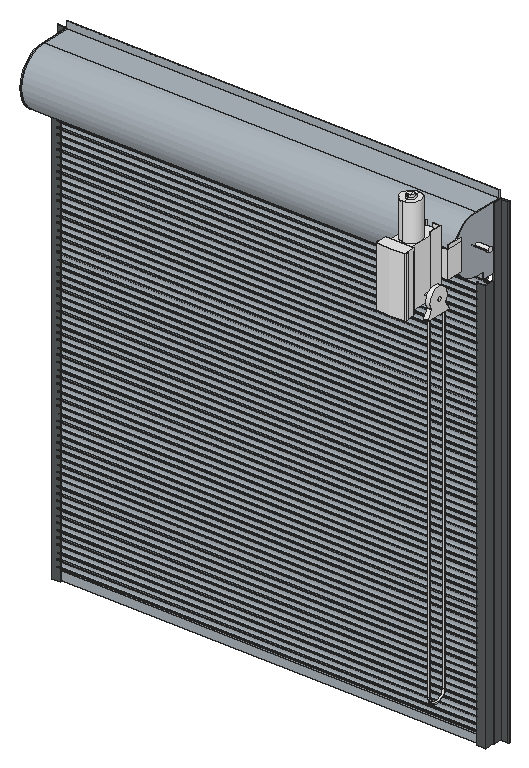
Revit family "Doors_Fire-Doors-Shutters_Wayne-Dalton_Rolling-Steel-Fire-Doors-FireStar-Model-700_", category Specialty Equipment, host Wall, Revit 2019 (continued)
Definition of nested family "700"
  Forms (in)
    Extrusion 2, solid, material <- "Panel Material", visible <- "#4"
      sketch origin (0, -4.82043, 13.73777) x (0, 1, 0) y (0, 0, 1)
        loop
          spline (5.08227, -10.57428) -> (5.31122, -10.49629) -> (5.50077, -10.35858) -> (5.65049, -10.17304) -> (5.75994, -9.95155) -> (5.82891, -9.70617) -> (5.86045, -9.45131) -> (5.85989, -9.20312) -> (5.83265, -8.97777) -> (5.78397, -8.79121) -> (5.71011, -8.64752) -> (5.59386, -8.53286) -> (5.41686, -8.43192)
          line (5.41686, -8.43192) -> (5.41686, -8.21777)
          arc (5.41686, -8.21777) -> (5.37035, -8.08199) -> (5.25036, -8.00326) r 0.22143
          line (5.25036, -8.00326) -> (5.07719, -7.91535)
          arc (5.07719, -7.91535) -> (5.04831, -7.8654) -> (5.08227, -7.81876) r 0.0529
          spline (5.08227, -7.81876) -> (5.31122, -7.74076) -> (5.50077, -7.60306) -> (5.65049, -7.41752) -> (5.75994, -7.19603) -> (5.82891, -6.95064) -> (5.86045, -6.69578) -> (5.85989, -6.44759) -> (5.83265, -6.22224) -> (5.78397, -6.03569) -> (5.71011, -5.89199) -> (5.59386, -5.77733) -> (5.41686, -5.67639)
          line (5.41686, -5.67639) -> (5.41686, -5.45777)
          arc (5.41686, -5.45777) -> (5.39015, -5.35234) -> (5.31648, -5.27235) r 0.22143
          line (5.31648, -5.27235) -> (5.07719, -5.15088)
          arc (5.07719, -5.15088) -> (5.04831, -5.10093) -> (5.08227, -5.05428) r 0.0529
          spline (5.08227, -5.05428) -> (5.31122, -4.97629) -> (5.50077, -4.83858) -> (5.65049, -4.65304) -> (5.75994, -4.43155) -> (5.82891, -4.18617) -> (5.86045, -3.93131) -> (5.85989, -3.68312) -> (5.83265, -3.45777) -> (5.78397, -3.27121) -> (5.71011, -3.12752) -> (5.59386, -3.01286) -> (5.41686, -2.91192)
          line (5.41686, -2.91192) -> (5.41686, -2.69777)
          arc (5.41686, -2.69777) -> (5.37035, -2.56199) -> (5.25036, -2.48326) r 0.22143
          line (5.25036, -2.48326) -> (5.07719, -2.39535)
          arc (5.07719, -2.39535) -> (5.04831, -2.3454) -> (5.08227, -2.29876) r 0.0529
          spline (5.08227, -2.29876) -> (5.31122, -2.22076) -> (5.50077, -2.08306) -> (5.65049, -1.89752) -> (5.75994, -1.67603) -> (5.82891, -1.43064) -> (5.86045, -1.17578) -> (5.85989, -0.92759) -> (5.83265, -0.70224) -> (5.78397, -0.51569) -> (5.71011, -0.37199) -> (5.59386, -0.25733) -> (5.41686, -0.15639)
      from -50 to 50
    Extrusion 3, void
      sketch origin (0, 0, 0) x (0, 1, 0) y (0, 0, 1)
        loop
          line (1.44, 1.271) -> (1.44, 0.521) -> (1.5, 0.521) -> (1.5, 1.271) -> (1.44, 1.271)
        loop
          line (1.44, 3.931) -> (1.44, 3.181) -> (1.5, 3.181) -> (1.5, 3.931) -> (1.44, 3.931)
        loop
          line (1.44, 6.591) -> (1.44, 5.841) -> (1.5, 5.841) -> (1.5, 6.591) -> (1.44, 6.591)
        loop
          line (1.44, 9.251) -> (1.44, 8.501) -> (1.5, 8.501) -> (1.5, 9.251) -> (1.44, 9.251)
        loop
          line (1.44, 11.911) -> (1.44, 11.161) -> (1.5, 11.161) -> (1.5, 11.911) -> (1.44, 11.911)
      from -49 to 49
    Extrusion 4, solid, material <- "Panel Material", visible <- "#17"
      sketch origin (0, -8.59555, 14.21627) x (0, 1, 0) y (0, 0, 1)
        loop
          arc (9.20493, -11.28558) -> (9.19095, -11.24875) -> (9.15606, -11.23047) r 0.05551
          line (9.15606, -11.23047) -> (9.00849, -11.21269) -> (9.14942, -11.21269)
          arc (9.14942, -11.21269) -> (9.18867, -11.19643) -> (9.20493, -11.15718) r 0.05551
          line (9.20493, -11.15718) -> (9.20493, -9.68558)
          arc (9.20493, -9.68558) -> (9.19095, -9.64875) -> (9.15606, -9.63047) r 0.05551
          line (9.15606, -9.63047) -> (9.00849, -9.61269) -> (9.14942, -9.61269)
          arc (9.14942, -9.61269) -> (9.18867, -9.59643) -> (9.20493, -9.55718) r 0.05551
          line (9.20493, -9.55718) -> (9.20493, -8.08558)
          arc (9.20493, -8.08558) -> (9.19095, -8.04875) -> (9.15606, -8.03047) r 0.05551
          line (9.15606, -8.03047) -> (9.00849, -8.01269) -> (9.14942, -8.01269)
          arc (9.14942, -8.01269) -> (9.18867, -7.99643) -> (9.20493, -7.95718) r 0.05551
          line (9.20493, -7.95718) -> (9.20493, -6.48558)
          arc (9.20493, -6.48558) -> (9.19095, -6.44875) -> (9.15606, -6.43047) r 0.05551
          line (9.15606, -6.43047) -> (9.00849, -6.41269) -> (9.14942, -6.41269)
          arc (9.14942, -6.41269) -> (9.18867, -6.39643) -> (9.20493, -6.35718) r 0.05551
          line (9.20493, -6.35718) -> (9.20493, -4.88558)
          arc (9.20493, -4.88558) -> (9.19095, -4.84875) -> (9.15606, -4.83047) r 0.05551
          line (9.15606, -4.83047) -> (9.00849, -4.81269) -> (9.14942, -4.81269)
          arc (9.14942, -4.81269) -> (9.18867, -4.79643) -> (9.20493, -4.75718) r 0.05551
          line (9.20493, -4.75718) -> (9.20493, -3.28558)
          arc (9.20493, -3.28558) -> (9.19095, -3.24875) -> (9.15606, -3.23047) r 0.05551
          line (9.15606, -3.23047) -> (8.88501, -3.19782)
          arc (8.88501, -3.19782) -> (8.86349, -3.17177) -> (8.88843, -3.14898) r 0.02451
          arc (8.88843, -3.14898) -> (8.92491, -2.90187) -> (8.70493, -3.02021) r 0.13976
          line (8.70493, -3.02021) -> (8.70493, -3.18733)
          arc (8.70493, -3.18733) -> (8.7189, -3.22416) -> (8.7538, -3.24245) r 0.05551
          line (8.7538, -3.24245) -> (9.14493, -3.28956) -> (9.14493, -4.75269) -> (8.87497, -4.75269)
          arc (8.87497, -4.75269) -> (8.93052, -4.50603) -> (8.70493, -4.62021) r 0.13976
          line (8.70493, -4.62021) -> (8.70493, -4.78733)
          arc (8.70493, -4.78733) -> (8.7189, -4.82416) -> (8.7538, -4.84245) r 0.05551
          line (8.7538, -4.84245) -> (9.14493, -4.88956) -> (9.14493, -6.35269) -> (8.87497, -6.35269)
          arc (8.87497, -6.35269) -> (8.93052, -6.10603) -> (8.70493, -6.22021) r 0.13976
          line (8.70493, -6.22021) -> (8.70493, -6.38733)
          arc (8.70493, -6.38733) -> (8.7189, -6.42416) -> (8.7538, -6.44245) r 0.05551
          line (8.7538, -6.44245) -> (9.14493, -6.48956) -> (9.14493, -7.95269) -> (8.87497, -7.95269)
          arc (8.87497, -7.95269) -> (8.93052, -7.70603) -> (8.70493, -7.82021) r 0.13976
          line (8.70493, -7.82021) -> (8.70493, -7.98733)
          arc (8.70493, -7.98733) -> (8.7189, -8.02416) -> (8.7538, -8.04245) r 0.05551
          line (8.7538, -8.04245) -> (9.14493, -8.08956) -> (9.14493, -9.55269) -> (8.87497, -9.55269)
          arc (8.87497, -9.55269) -> (8.93052, -9.30603) -> (8.70493, -9.42021) r 0.13976
          line (8.70493, -9.42021) -> (8.70493, -9.58733)
          arc (8.70493, -9.58733) -> (8.7189, -9.62416) -> (8.7538, -9.64245) r 0.05551
          line (8.7538, -9.64245) -> (9.14493, -9.68956) -> (9.14493, -11.15269) -> (8.87497, -11.15269)
          arc (8.87497, -11.15269) -> (8.93052, -10.90603) -> (8.70493, -11.02021) r 0.13976
          line (8.70493, -11.02021) -> (8.70493, -11.18733)
          arc (8.70493, -11.18733) -> (8.7189, -11.22416) -> (8.7538, -11.24245) r 0.05551
          line (8.7538, -11.24245) -> (9.14493, -11.28956) -> (9.14493, -12.75269) -> (8.87497, -12.75269)
          arc (8.87497, -12.75269) -> (8.93052, -12.50603) -> (8.70493, -12.62021) r 0.13976
          line (8.70493, -12.62021) -> (8.70493, -12.78733)
          arc (8.70493, -12.78733) -> (8.7189, -12.82416) -> (8.7538, -12.84245) r 0.05551
          line (8.7538, -12.84245) -> (9.14493, -12.88956) -> (9.14493, -14.35269) -> (8.87471, -14.35269)
          arc (8.87471, -14.35269) -> (8.93213, -14.10737) -> (8.70493, -14.21627) r 0.1397
          line (8.70493, -14.21627) -> (8.70493, -14.35718)
          arc (8.70493, -14.35718) -> (8.72119, -14.39643) -> (8.76044, -14.41269) r 0.05551
          line (8.76044, -14.41269) -> (9.14942, -14.41269)
          arc (9.14942, -14.41269) -> (9.18867, -14.39643) -> (9.20493, -14.35718) r 0.05551
          line (9.20493, -14.35718) -> (9.20493, -12.88558)
          arc (9.20493, -12.88558) -> (9.19095, -12.84875) -> (9.15606, -12.83047) r 0.05551
          line (9.15606, -12.83047) -> (9.00849, -12.81269) -> (9.14942, -12.81269)
          arc (9.14942, -12.81269) -> (9.18867, -12.79643) -> (9.20493, -12.75718) r 0.05551
          line (9.20493, -12.75718) -> (9.20493, -11.28558)
      from -50 to 50
    Extrusion 5, solid, material <- "Panel Material", visible <- "#2"
      sketch origin (0, -8.59555, 14.21627) x (0, 1, 0) y (0, 0, 1)
        loop
          line (9.10736, -6.76677) -> (9.10736, -6.61627)
          arc (9.10736, -6.61627) -> (9.07318, -6.52009) -> (8.98598, -6.46703) r 0.15243
          line (8.98598, -6.46703) -> (8.88525, -6.4159)
          arc (8.88525, -6.4159) -> (8.86532, -6.38333) -> (8.88543, -6.35086) r 0.03642
          spline (8.88543, -6.35086) -> (9.02652, -6.29214) -> (9.13455, -6.19773) -> (9.21339, -6.07142) -> (9.26691, -5.917) -> (9.29892, -5.73857) -> (9.3122, -5.54686) -> (9.3085, -5.3589) -> (9.28955, -5.19194) -> (9.25707, -5.06316) -> (9.21346, -4.97774) -> (9.16231, -4.91873) -> (9.10736, -4.86677)
          line (9.10736, -4.86677) -> (9.10736, -4.71627)
          arc (9.10736, -4.71627) -> (9.07318, -4.62009) -> (8.98598, -4.56703) r 0.15243
          line (8.98598, -4.56703) -> (8.88525, -4.5159)
          arc (8.88525, -4.5159) -> (8.86532, -4.48333) -> (8.88543, -4.45086) r 0.03642
          spline (8.88543, -4.45086) -> (9.02652, -4.39214) -> (9.13455, -4.29773) -> (9.21339, -4.17142) -> (9.26691, -4.017) -> (9.29892, -3.83857) -> (9.3122, -3.64686) -> (9.3085, -3.4589) -> (9.28955, -3.29194) -> (9.25707, -3.16316) -> (9.21346, -3.07774) -> (9.16231, -3.01873) -> (9.10736, -2.96677)
          line (9.10736, -2.96677) -> (9.10736, -2.81627)
          arc (9.10736, -2.81627) -> (9.07318, -2.72009) -> (8.98598, -2.66703) r 0.15243
          line (8.98598, -2.66703) -> (8.88525, -2.6159)
          arc (8.88525, -2.6159) -> (8.86532, -2.58333) -> (8.88543, -2.55086) r 0.03642
          spline (8.88543, -2.55086) -> (9.02652, -2.49214) -> (9.13455, -2.39773) -> (9.21339, -2.27142) -> (9.26691, -2.117) -> (9.29892, -1.93857) -> (9.3122, -1.74686) -> (9.3085, -1.5589) -> (9.28955, -1.39194) -> (9.25707, -1.26316) -> (9.21346, -1.17774) -> (9.16231, -1.11873) -> (9.10736, -1.06677)
          line (9.10736, -1.06677) -> (9.10736, -0.91627)
          arc (9.10736, -0.91627) -> (8.85733, -0.79918) -> (8.92749, -1.06621) r 0.15243
          spline (8.92749, -1.06621) -> (9.05608, -1.10824) -> (9.14, -1.17913) -> (9.19221, -1.27825) -> (9.22535, -1.40477) -> (9.2453, -1.55404) -> (9.25163, -1.71784) -> (9.24363, -1.8878) -> (9.22059, -2.05555) -> (9.17959, -2.21183) -> (9.11327, -2.34562) -> (9.01377, -2.44567) -> (8.87323, -2.50076)
          arc (8.87323, -2.50076) -> (8.80502, -2.59702) -> (8.89085, -2.67796) r 0.08991
          arc (8.89085, -2.67796) -> (8.80371, -2.83543) -> (8.92737, -2.96619) r 0.15243
          spline (8.92737, -2.96619) -> (9.05569, -3.00813) -> (9.13943, -3.07887) -> (9.19153, -3.17778) -> (9.2246, -3.30403) -> (9.24451, -3.45298) -> (9.25082, -3.61643) -> (9.24284, -3.78603) -> (9.21985, -3.95342) -> (9.17894, -4.10937) -> (9.11276, -4.24287) -> (9.01347, -4.34271) -> (8.87323, -4.39768)
          arc (8.87323, -4.39768) -> (8.80544, -4.49746) -> (8.89795, -4.57489) r 0.08991
          arc (8.89795, -4.57489) -> (8.80327, -4.73159) -> (8.92737, -4.86619) r 0.15243
          spline (8.92737, -4.86619) -> (9.05569, -4.90813) -> (9.13943, -4.97887) -> (9.19153, -5.07778) -> (9.2246, -5.20403) -> (9.24451, -5.35298) -> (9.25082, -5.51643) -> (9.24284, -5.68603) -> (9.21985, -5.85342) -> (9.17894, -6.00937) -> (9.11276, -6.14287) -> (9.01347, -6.24271) -> (8.87323, -6.29768)
          arc (8.87323, -6.29768) -> (8.80544, -6.39746) -> (8.89795, -6.47489) r 0.08991
          arc (8.89795, -6.47489) -> (8.80327, -6.63159) -> (8.92737, -6.76619) r 0.15243
          spline (8.92737, -6.76619) -> (9.05569, -6.80813) -> (9.13943, -6.87887) -> (9.19153, -6.97778) -> (9.2246, -7.10403) -> (9.24451, -7.25298) -> (9.25082, -7.41643) -> (9.24284, -7.58603) -> (9.21985, -7.75342) -> (9.17894, -7.90937) -> (9.11276, -8.04287) -> (9.01347, -8.14271) -> (8.87323, -8.19768)
          arc (8.87323, -8.19768) -> (8.80544, -8.29746) -> (8.89795, -8.37489) r 0.08991
          arc (8.89795, -8.37489) -> (8.80327, -8.53165) -> (8.92749, -8.66621) r 0.15243
          spline (8.92749, -8.66621) -> (9.05608, -8.70824) -> (9.14, -8.77913) -> (9.19221, -8.87825) -> (9.22535, -9.00477) -> (9.2453, -9.15404) -> (9.25163, -9.31784) -> (9.24363, -9.4878) -> (9.22059, -9.65555) -> (9.17959, -9.81183) -> (9.11327, -9.94562) -> (9.01377, -10.04567) -> (8.87323, -10.10076)
          arc (8.87323, -10.10076) -> (8.80502, -10.19702) -> (8.89085, -10.27796) r 0.08991
          arc (8.89085, -10.27796) -> (8.80371, -10.43543) -> (8.92737, -10.56619) r 0.15243
          spline (8.92737, -10.56619) -> (9.05569, -10.60813) -> (9.13943, -10.67887) -> (9.19153, -10.77778) -> (9.2246, -10.90403) -> (9.24451, -11.05298) -> (9.25082, -11.21643) -> (9.24284, -11.38603) -> (9.21985, -11.55342) -> (9.17894, -11.70937) -> (9.11276, -11.84287) -> (9.01347, -11.94271) -> (8.87323, -11.99768)
          arc (8.87323, -11.99768) -> (8.80544, -12.09746) -> (8.89795, -12.17489) r 0.08991
          arc (8.89795, -12.17489) -> (8.80327, -12.33165) -> (8.92749, -12.46621) r 0.15243
          spline (8.92749, -12.46621) -> (9.05608, -12.50824) -> (9.14, -12.57913) -> (9.19221, -12.67825) -> (9.22535, -12.80477) -> (9.2453, -12.95404) -> (9.25163, -13.11784) -> (9.24363, -13.2878) -> (9.22059, -13.45555) -> (9.17959, -13.61183) -> (9.11327, -13.74562) -> (9.01377, -13.84567) -> (8.87323, -13.90076)
          arc (8.87323, -13.90076) -> (8.80502, -13.99702) -> (8.89085, -14.07796) r 0.08991
          arc (8.89085, -14.07796) -> (8.97232, -14.36771) -> (8.98598, -14.06703) r 0.15243
          line (8.98598, -14.06703) -> (8.88525, -14.0159)
          arc (8.88525, -14.0159) -> (8.86532, -13.98333) -> (8.88543, -13.95086) r 0.03642
          spline (8.88543, -13.95086) -> (9.02652, -13.89214) -> (9.13455, -13.79773) -> (9.21339, -13.67142) -> (9.26691, -13.517) -> (9.29892, -13.33857) -> (9.3122, -13.14686) -> (9.3085, -12.9589) -> (9.28955, -12.79194) -> (9.25707, -12.66316) -> (9.21346, -12.57774) -> (9.16231, -12.51873) -> (9.10736, -12.46677)
          line (9.10736, -12.46677) -> (9.10736, -12.31627)
          arc (9.10736, -12.31627) -> (9.07318, -12.22009) -> (8.98598, -12.16703) r 0.15243
          line (8.98598, -12.16703) -> (8.88525, -12.1159)
          arc (8.88525, -12.1159) -> (8.86532, -12.08333) -> (8.88543, -12.05086) r 0.03642
          spline (8.88543, -12.05086) -> (9.02652, -11.99214) -> (9.13455, -11.89773) -> (9.21339, -11.77142) -> (9.26691, -11.617) -> (9.29892, -11.43857) -> (9.3122, -11.24686) -> (9.3085, -11.0589) -> (9.28955, -10.89194) -> (9.25707, -10.76316) -> (9.21346, -10.67774) -> (9.16231, -10.61873) -> (9.10736, -10.56677)
          line (9.10736, -10.56677) -> (9.10736, -10.41627)
          arc (9.10736, -10.41627) -> (9.07318, -10.32009) -> (8.98598, -10.26703) r 0.15243
          line (8.98598, -10.26703) -> (8.88525, -10.2159)
          arc (8.88525, -10.2159) -> (8.86532, -10.18333) -> (8.88543, -10.15086) r 0.03642
          spline (8.88543, -10.15086) -> (9.02652, -10.09214) -> (9.13455, -9.99773) -> (9.21339, -9.87142) -> (9.26691, -9.717) -> (9.29892, -9.53857) -> (9.3122, -9.34686) -> (9.3085, -9.1589) -> (9.28955, -8.99194) -> (9.25707, -8.86316) -> (9.21346, -8.77774) -> (9.16231, -8.71873) -> (9.10736, -8.66677)
          line (9.10736, -8.66677) -> (9.10736, -8.51627)
          arc (9.10736, -8.51627) -> (9.07318, -8.42009) -> (8.98598, -8.36703) r 0.15243
          line (8.98598, -8.36703) -> (8.88525, -8.3159)
          arc (8.88525, -8.3159) -> (8.86532, -8.28333) -> (8.88543, -8.25086) r 0.03642
          spline (8.88543, -8.25086) -> (9.02652, -8.19214) -> (9.13455, -8.09773) -> (9.21339, -7.97142) -> (9.26691, -7.817) -> (9.29892, -7.63857) -> (9.3122, -7.44686) -> (9.3085, -7.2589) -> (9.28955, -7.09194) -> (9.25707, -6.96316) -> (9.21346, -6.87774) -> (9.16231, -6.81873) -> (9.10736, -6.76677)
      from -50 to 50
  Cuts and joins
    Extrusion 3 cuts Extrusion 1
  Lines and regions (in)
    reference lines
      curve 1: line (0, -4.98186, 12.78) -> (0, 9.9577, 12.78)
      curve 2: line (0, -2.86663, 14.196) -> (0, 7.60337, 14.196)
      curve 3: line (0, -2.86663, 11.536) -> (0, 7.60337, 11.536)
      curve 4: line (0, -2.86663, 8.876) -> (0, 7.60337, 8.876)
      curve 5: line (0, -2.86663, 6.216) -> (0, 7.60337, 6.216)
      curve 6: line (0, -2.86663, 0.896) -> (0, 7.60337, 0.896)
      curve 7: line (0, -2.86663, 3.556) -> (0, 7.60337, 3.556)
  Dimensions and locks (in)
    equal spacing: plane 4, plane 3 "Center (Left/Right)", plane 5
    "Opening Width": plane 4 to plane 5
    "Slat Width": plane 1 "Center (Front/Back)" to plane 6
    equal spacing: plane 1 "Center (Front/Back)", plane 8, plane 6
    locked: plane 9 to plane 6 at 0.03
    "Cutout Width Offset": plane 4 to plane 10
    "Cutout Width Offset": plane 5 to plane 11
    "Void Height": Extrusion 3 sketch curve to Extrusion 3 sketch curve  (x5)
    locked: Extrusion 3 sketch curve to Extrusion 3 sketch curve at 0.06  (x5)
    "Void Offset": plane 6 to Extrusion 3 sketch curve
    locked: curve 1 to level at 12.78
    "Slat Position": curve 6 to curve 2
    equal spacing: Extrusion 3 sketch curve, curve 3, Extrusion 3 sketch curve
    equal spacing: Extrusion 3 sketch curve, curve 4, Extrusion 3 sketch curve
    equal spacing: Extrusion 3 sketch curve, curve 6, Extrusion 3 sketch curve
    equal spacing: Extrusion 3 sketch curve, curve 5, Extrusion 3 sketch curve
    equal spacing: curve 6, curve 7, curve 5, curve 4, curve 3, curve 2
    equal spacing: Extrusion 3 sketch curve, curve 7, Extrusion 3 sketch curve
    "Cutout Vertical Offset": curve 6 to plane 2
    aligned and locked: plane 2 to level
    aligned and locked: plane 1 "Center (Front/Back)" to plane 7
    aligned and locked: plane 5 to Extrusion 1
    aligned and locked: plane 4 to Extrusion 1
    aligned and locked: plane 5 to Extrusion 2
    aligned and locked: plane 4 to Extrusion 2
    aligned and locked: plane 9 to nested 1
    aligned and locked: plane 3 "Center (Left/Right)" to nested 1
    aligned and locked: Extrusion 3 sketch curve to Extrusion 3 sketch curve  (x4)
    aligned and locked: plane 10 to Extrusion 3
    aligned and locked: plane 11 to Extrusion 3
    aligned and locked: plane 3 "Center (Left/Right)" to nested 2
    aligned and locked: plane 3 "Center (Left/Right)" to nested 3
    aligned and locked: plane 3 "Center (Left/Right)" to nested 4
    aligned and locked: plane 3 "Center (Left/Right)" to nested 5
    aligned and locked: plane 9 to nested 2
    aligned and locked: plane 9 to nested 3
    aligned and locked: plane 9 to nested 4
    aligned and locked: plane 9 to nested 5
    aligned and locked: plane 9 to nested 10
    aligned and locked: plane 9 to nested 9
    aligned and locked: plane 9 to nested 8
    aligned and locked: plane 9 to nested 7
    aligned and locked: plane 9 to nested 6
    aligned and locked: plane 4 to Extrusion 5
    aligned and locked: plane 4 to Extrusion 4
    aligned and locked: plane 5 to Extrusion 5
    aligned and locked: plane 5 to Extrusion 4
  Automatic sketch dimensions
    plane 1 "Center (Front/Back)" to curve 1 = 4.98186"
    plane 1 "Center (Front/Back)" to curve 7 = 2.86663"
    curve 1 to curve 2 = 2.11523"
    curve 5 to curve 7 = 0"
    curve 3 to curve 2 = 0"  (x2)
    curve 6 to curve 7 = 0"
    curve 4 to curve 3 = 0"
    curve 2 to plane 6 = 7.10337"
    curve 5 to plane 6 = 7.10337"
    curve 4 to curve 5 = 0"
    curve 6 to curve 5 = 0"
    curve 7 to curve 5 = 0"
    curve 2 to curve 1 = 2.35433"
    Extrusion 1 sketch curve to Extrusion 1 sketch curve = 0"  (x48)
    curve 1 to Extrusion 1 sketch curve = 4.98186"
    curve 1 to Extrusion 1 sketch curve = 0.53603"
    Extrusion 1 sketch curve to Extrusion 1 sketch curve = 0.06"  (x9)
    Extrusion 1 sketch curve to Extrusion 1 sketch curve = 0.07483"  (x4)
    curve 1 to Extrusion 1 sketch curve = 0.87633"
    Extrusion 1 sketch curve to Extrusion 1 sketch curve = 0.01483"
    curve 1 to Extrusion 1 sketch curve = 3.32633"
    Extrusion 1 sketch curve to Extrusion 1 sketch curve = 0.12347"  (x4)
    curve 1 to Extrusion 1 sketch curve = 3.28077"
    curve 1 to Extrusion 1 sketch curve = 0.81676"
    Extrusion 1 sketch curve to Extrusion 1 sketch curve = 0.1133"  (x4)
    Extrusion 1 sketch curve to Extrusion 1 sketch curve = 0.00299"  (x4)
    Extrusion 1 sketch curve to Extrusion 1 sketch curve = 0.025"
    Extrusion 1 sketch curve to Extrusion 1 sketch curve = 0.21392"  (x6)
    Extrusion 1 sketch curve to Extrusion 1 sketch curve = 0.15392"
    Extrusion 1 sketch curve to Extrusion 1 sketch curve = 0.45109"  (x3)
    Extrusion 1 sketch curve to Extrusion 1 sketch curve = 0.45108"
    Extrusion 1 sketch curve to Extrusion 1 sketch curve = 0.59017"  (x2)
    curve 1 to Extrusion 1 sketch curve = 0.94778"
    curve 1 to Extrusion 1 sketch curve = 3.39778"
    Extrusion 1 sketch curve to Extrusion 1 sketch curve = 0.01017"  (x3)
    curve 1 to Extrusion 1 sketch curve = 0.88821"
    curve 1 to Extrusion 1 sketch curve = 3.33821"
    Extrusion 1 sketch curve to Extrusion 1 sketch curve = 2.0074"  (x4)
    Extrusion 1 sketch curve to Extrusion 1 sketch curve = 0.00603"  (x3)
    Extrusion 1 sketch curve to Extrusion 1 sketch curve = 0.21577"  (x4)
    Extrusion 1 sketch curve to Extrusion 1 sketch curve = 0.09209"
    Extrusion 1 sketch curve to Extrusion 1 sketch curve = 0.14265"
    Extrusion 1 sketch curve to Extrusion 1 sketch curve = 0.11326"
    Extrusion 2 sketch curve to Extrusion 2 sketch curve = 0"  (x11)
    curve 1 to Extrusion 2 sketch curve = 5.23818"  (x2)
    curve 1 to Extrusion 2 sketch curve = 1.43759"
    Extrusion 2 sketch curve to Extrusion 2 sketch curve = 0.00044"  (x5)
    curve 1 to Extrusion 2 sketch curve = 1.34099"
    Extrusion 2 sketch curve to Extrusion 2 sketch curve = 0.00551"  (x5)
    Extrusion 2 sketch curve to Extrusion 2 sketch curve = 0.02395"  (x2)
    Extrusion 2 sketch curve to Extrusion 2 sketch curve = 0.01887"  (x3)
    Extrusion 2 sketch curve to Extrusion 2 sketch curve = 0.00651"  (x5)
    Extrusion 2 sketch curve to Extrusion 2 sketch curve = 0.07821"  (x2)
    Extrusion 2 sketch curve to curve 1 = 0.80219"
    Extrusion 2 sketch curve to Extrusion 2 sketch curve = 0.07881"
    Extrusion 2 sketch curve to Extrusion 2 sketch curve = 0.07838"  (x2)
    Extrusion 2 sketch curve to Extrusion 2 sketch curve = 0.03986"  (x3)
    Extrusion 2 sketch curve to Extrusion 2 sketch curve = 0.04003"  (x2)
    Extrusion 2 sketch curve to Extrusion 2 sketch curve = 0.11824"
    Extrusion 2 sketch curve to Extrusion 2 sketch curve = 0.14271"  (x2)
    curve 1 to Extrusion 2 sketch curve = 1.52549"
    Extrusion 2 sketch curve to Extrusion 2 sketch curve = 0.09917"
    Extrusion 2 sketch curve to Extrusion 2 sketch curve = 0.12104"
    Extrusion 2 sketch curve to Extrusion 2 sketch curve = 0.26146"  (x2)
    Extrusion 2 sketch curve to Extrusion 2 sketch curve = 0.22143"  (x2)
    Extrusion 2 sketch curve to Extrusion 2 sketch curve = 0.10038"
    Extrusion 2 sketch curve to Extrusion 2 sketch curve = 0.21415"  (x2)
    Extrusion 2 sketch curve to Extrusion 2 sketch curve = 0.21778"  (x2)
    Extrusion 2 sketch curve to Extrusion 2 sketch curve = 2.07943"  (x2)
    Extrusion 2 sketch curve to Extrusion 2 sketch curve = 0.05931"  (x5)
    Extrusion 2 sketch curve to Extrusion 2 sketch curve = 0.04942"  (x4)
    Extrusion 2 sketch curve to Extrusion 2 sketch curve = 0.01817"  (x5)
    Extrusion 2 sketch curve to Extrusion 2 sketch curve = 0.21781"  (x2)
    Extrusion 2 sketch curve to Extrusion 2 sketch curve = 0.21863"  (x3)
    Extrusion 2 sketch curve to Extrusion 2 sketch curve = 2.08387"  (x2)
    Extrusion 2 sketch curve to Extrusion 2 sketch curve = 0.13791"
    Extrusion 2 sketch curve to Extrusion 2 sketch curve = 0.21451"
    Extrusion 4 sketch curve to curve 1 = 9.84832"
    Extrusion 4 sketch curve to Extrusion 4 sketch curve = 0"  (x20)
    Extrusion 4 sketch curve to Extrusion 4 sketch curve = 0.04887"  (x7)
    curve 1 to Extrusion 4 sketch curve = 3.40618"
    curve 1 to Extrusion 4 sketch curve = 1.80618"
    Extrusion 4 sketch curve to Extrusion 4 sketch curve = 0.00664"  (x13)
    Extrusion 4 sketch curve to Extrusion 4 sketch curve = 0.05551"  (x9)
    Extrusion 4 sketch curve to Extrusion 4 sketch curve = 0.1397"  (x8)
    Extrusion 4 sketch curve to Extrusion 4 sketch curve = 0.11428"
    Extrusion 4 sketch curve to Extrusion 4 sketch curve = 0.11453"  (x6)
    Extrusion 4 sketch curve to Extrusion 4 sketch curve = 0.12457"
    Extrusion 4 sketch curve to Extrusion 4 sketch curve = 0.00293"
    Extrusion 4 sketch curve to Extrusion 4 sketch curve = 0.13352"  (x6)
    Extrusion 4 sketch curve to Extrusion 4 sketch curve = 0.13644"  (x2)
    Extrusion 4 sketch curve to Extrusion 4 sketch curve = 0.00449"  (x22)
    curve 1 to Extrusion 4 sketch curve = 1.7942"
    curve 1 to Extrusion 4 sketch curve = 3.3942"
    Extrusion 4 sketch curve to Extrusion 4 sketch curve = 1.32671"  (x6)
    Extrusion 4 sketch curve to Extrusion 4 sketch curve = 0.00394"  (x6)
    Extrusion 4 sketch curve to Extrusion 4 sketch curve = 0.03464"  (x5)
    Extrusion 4 sketch curve to Extrusion 4 sketch curve = 0.16713"  (x3)
    Extrusion 4 sketch curve to Extrusion 4 sketch curve = 0.14091"
    Extrusion 4 sketch curve to Extrusion 4 sketch curve = 0.02433"
    Extrusion 5 sketch curve to Extrusion 5 sketch curve = 0"  (x18)
    Extrusion 5 sketch curve to curve 1 = 9.68002"
    curve 1 to Extrusion 5 sketch curve = 3.07963"
    Extrusion 5 sketch curve to Extrusion 5 sketch curve = 0.01202"  (x7)
    curve 1 to Extrusion 5 sketch curve = 1.17963"
    Extrusion 5 sketch curve to Extrusion 5 sketch curve = 0.0122"  (x7)
    curve 1 to Extrusion 5 sketch curve = 1.11459"
    Extrusion 5 sketch curve to Extrusion 5 sketch curve = 0.00925"  (x7)
    Extrusion 5 sketch curve to Extrusion 5 sketch curve = 0.00724"  (x7)
    Extrusion 5 sketch curve to Extrusion 5 sketch curve = 0.04212"  (x4)
    Extrusion 5 sketch curve to curve 1 = 0.37006"
    Extrusion 5 sketch curve to Extrusion 5 sketch curve = 0.05425"
    Extrusion 5 sketch curve to Extrusion 5 sketch curve = 0.04224"  (x2)
    Extrusion 5 sketch curve to Extrusion 5 sketch curve = 0.02744"  (x3)
    Extrusion 5 sketch curve to Extrusion 5 sketch curve = 0.02756"  (x4)
    Extrusion 5 sketch curve to Extrusion 5 sketch curve = 0.06968"
    Extrusion 5 sketch curve to Extrusion 5 sketch curve = 0.10073"  (x6)
    curve 1 to Extrusion 5 sketch curve = 1.23076"
    Extrusion 5 sketch curve to Extrusion 5 sketch curve = 0.15243"
    Extrusion 5 sketch curve to curve 1 = 0.3695"
    Extrusion 5 sketch curve to Extrusion 5 sketch curve = 0.17987"  (x3)
    Extrusion 5 sketch curve to Extrusion 5 sketch curve = 0.17999"  (x3)
    Extrusion 5 sketch curve to Extrusion 5 sketch curve = 0.05114"
    Extrusion 5 sketch curve to Extrusion 5 sketch curve = 0.14992"  (x4)
    Extrusion 5 sketch curve to Extrusion 5 sketch curve = 0.1505"  (x6)
    Extrusion 5 sketch curve to Extrusion 5 sketch curve = 1.43149"  (x3)
    Extrusion 5 sketch curve to Extrusion 5 sketch curve = 0.05318"  (x4)
    Extrusion 5 sketch curve to Extrusion 5 sketch curve = 0.03256"  (x5)
    Extrusion 5 sketch curve to Extrusion 5 sketch curve = 0.00162"  (x4)
    Extrusion 5 sketch curve to Extrusion 5 sketch curve = 0.14994"  (x2)
    Extrusion 5 sketch curve to Extrusion 5 sketch curve = 1.43455"  (x2)
    Extrusion 5 sketch curve to Extrusion 5 sketch curve = 0.0501"  (x3)
    Extrusion 5 sketch curve to Extrusion 5 sketch curve = 0.0047"  (x3)
    Extrusion 5 sketch curve to Extrusion 5 sketch curve = 0.14924"
  Nested families (in)
    nested 1: "Perforation" at (0, 0.47, 0.896), visible <- "Fenestration", Perforation <- "Cutout Material", type "Perforation"
      with Opening Width 100"
    nested 2: "Perforation" at (0, 0.47, 3.556), visible <- "Fenestration", Perforation <- "Cutout Material", type "Perforation"
      with Opening Width 100"
    nested 3: "Perforation" at (0, 0.47, 6.216), visible <- "Fenestration", Perforation <- "Cutout Material", type "Perforation"
      with Opening Width 100"
    nested 4: "Perforation" at (0, 0.47, 8.876), visible <- "Fenestration", Perforation <- "Cutout Material", type "Perforation"
      with Opening Width 100"
    nested 5: "Perforation" at (0, 0.47, 11.536), visible <- "Fenestration", Perforation <- "Cutout Material", type "Perforation"
      with Opening Width 100"
    nested 6: "Perforation" at (0, 0.47, 11.536), visible <- "Perforation", Perforation <- "Cutout Material Perforation", type "Perforation"
      with Perforation none, Opening Width 100"
    nested 7: "Perforation" at (0, 0.47, 8.876), visible <- "Perforation", Perforation <- "Cutout Material Perforation", type "Perforation"
      with Perforation none, Opening Width 100"
    nested 8: "Perforation" at (0, 0.47, 6.216), visible <- "Perforation", Perforation <- "Cutout Material Perforation", type "Perforation"
      with Perforation none, Opening Width 100"
    nested 9: "Perforation" at (0, 0.47, 3.556), visible <- "Perforation", Perforation <- "Cutout Material Perforation", type "Perforation"
      with Perforation none, Opening Width 100"
    nested 10: "Perforation" at (0, 0.47, 0.896), visible <- "Perforation", Perforation <- "Cutout Material Perforation", type "Perforation"
      with Perforation none, Opening Width 100"
  Definition of nested family "Perforation"
    Parameters (values of type "Perforation")
      Thickness = 0.06"
      Perforation [instance] = none
      Opening Width = 123 5/8"
      Offset = 1"
      Height = 3/4"
      Default Elevation = 48"
    Reference planes (in)
      plane 1 "Center (Front/Back)": y = 0
      plane 2: z = 0
      plane 3 "Center (Left/Right)": x = 0
      plane 4: z = 0.375
      plane 5: z = -0.375
      plane 6: y = -0.03
      plane 7: y = 0.03
      plane 8: x = -61.8125
      plane 9: x = 61.8125
      plane 10: x = -60.8125
      plane 11: x = 60.8125
    Forms (in)
      Extrusion 1, solid, material <- "Perforation"
        sketch origin (0, -0.19, 0) x (0, 1, 0) y (0, 0, 1)
          loop
            line (0.16, 0.375) -> (0.16, -0.375) -> (0.22, -0.375) -> (0.22, 0.375) -> (0.16, 0.375)
        from -60.8125 to 60.8125
    Dimensions and locks (in)
      equal spacing: plane 4, level, plane 5
      "Height": plane 4 to plane 5
      equal spacing: plane 6, plane 1 "Center (Front/Back)", plane 7
      "Thickness": plane 6 to plane 7
      "Opening Width": plane 8 to plane 9
      "Offset": plane 8 to plane 10
      "Offset": plane 9 to plane 11
      equal spacing: plane 8, plane 3 "Center (Left/Right)", plane 9
      aligned and locked: plane 2 to level
      aligned and locked: plane 4 to Extrusion 1
      aligned and locked: Extrusion 1 to plane 5
      aligned and locked: plane 6 to Extrusion 1
      aligned and locked: plane 7 to Extrusion 1
      aligned and locked: Extrusion 1 to plane 10
      aligned and locked: plane 11 to Extrusion 1
    Automatic sketch dimensions
      Extrusion 1 sketch curve to level = 3/8"
      plane 1 "Center (Front/Back)" to Extrusion 1 sketch curve = 0.03"
      Extrusion 1 sketch curve to plane 1 "Center (Front/Back)" = 0.03"
      plane 4 to Extrusion 1 sketch curve = 0"
Definition of nested family "Lifts"
  Parameters (values of type "Frame Unit")
    Void Offset = if(Manual, Header Width, 2")  # 16"
    True Width = if(Between Jambs, Opening Width, Opening Width + 1/2")  # 120 1/2"
    Slat Option = 1
    Side Clearance R = 9 1/16"
    Side Clearance L = 7 1/16"
    Round Hood [instance] = 1 = 1  # yes
    Rough Width = 0"
    Rough Height = 0"
    No Hood [instance] = no
    Manual = yes
    M Value = 3 5/16"
    Hood Offset = 2"
    Hood Height = Headroom Height Real - Hood Offset  # 16"
    Headroom Height Real = Headroom Height  # 18"
    Half Hood Height = Headroom Height - Hood Offset  # 16"
    Guide Z Wide R = if(Between Jambs, (Guide Offset R - G Value) / 3 * 2, G Value - 1/4")  # 2 9/16"
    Guide Z Wide L = if(Between Jambs, (Guide Offset L - G Value) / 3 * 2, G Value - 1/4")  # 2 9/16"
    Guide Offset R = BJ Displacement R + G Value  # 2 13/16"
    Guide Offset L = BJ Displacement L + G Value  # 2 13/16"
    G Value = 2 13/16"
    E Guide Width R = if(Between Jambs, (Guide Offset R - G Value) / 3 * 2, 3")  # 3"
    E Guide Width L = if(Between Jambs, (Guide Offset L - G Value) / 3 * 2, 3")  # 3"
    E Guide Height = 3"  # constant formula
    Z Guide = 1 = 1  # yes
    Slat Material = none
    Shaft Offset = (Hood Height - 2") / 2  # 7"
    Shaft Material = none
    Shaft Length 2 = G Value + 4"  # 6 13/16"
    Shaft Length 1 = G Value + 4"  # 6 13/16"
    Setback = if(Between Jambs, 0", 1/4")  # 1/4"
    Radius Hood = Shaft Offset  # 7"
    Opening Width = 120"
    Hood Material = none
    Headroom Height = 18"
    Header Width = 16"
    Opening Height = 120"
    Guide Type = if(Between Jambs, "Angled Between Jambs Z Guide", if(Guide Option > 1, "Angled Z Guide", "Angled E Guide"))  # "Angled Z Guide"
    Guide Option = if(Between Jambs, 1, 2)  # 2
    Guide Z Height = 2 3/4"  # constant formula
    Floor To (CL) of Shaft = 131"
    Finish Material = none
    Face to Wall Mount = not(Between Jambs)  # yes
    E Guide = if(Between Jambs, 1 = 1, 1 = 2)  # no
    D Value = 5 1/2"
    Between Jambs = no
    BJ Position = if(Between Jambs, 1/4", 0")  # 0"
    BJ Displacement R = if(Face to Wall Mount, 0", Side Clearance R - G Value)  # 0"
    BJ Displacement L = if(Face to Wall Mount, 0", Side Clearance L - G Value)  # 0"
    Angled Guide = 1 = 1  # yes
  Reference planes (in)
    plane 1 "Center (Front/Back)": y = 0
    plane 2: z = 0
    plane 3 "Center (Left/Right)": x = 0
    plane 4 "Opening Height": z = 120
    plane 5: x = -66.8125
    plane 6: x = 66.8125
    plane 7: z = 138
    plane 8: y = 16
    plane 9 "Real Opening 2": x = -60
    plane 10 "Real Opening 1": x = 60
    plane 11: z = 122
    plane 12 "Main": y = 0
    plane 13: z = 131
    plane 14: y = 9
    plane 15: x = 62.8125
    plane 16: x = -62.8125
    plane 17: x = -62.8125
    plane 18: x = 62.8125
    plane 19: y = 5.5
    plane 20: x = -62.5625
    plane 21: x = 62.5625
    plane 22: z = 140
    plane 23: y = 5.5
    plane 24: y = 4.375
    plane 25: y = 5.5
    plane 26: y = 4.375
  Forms (in)
    Extrusion 1, solid, material <- "Slat Material"
      sketch origin (0, 0, 0) x (0, 1, 0) y (0, 0, 1)
        loop
          line (4.75, 2.375) -> (4.75, 2.75) -> (4, 2.75) -> (4, 2.375) -> (4.75, 2.375)
      from -62.5625 to 62.5625
    Extrusion 2, solid, material <- "Slat Material"
      sketch origin (0, 0, 0) x (0, 1, 0) y (0, 0, 1)
        loop
          line (4.75, 2.375) -> (4, 2.375) -> (4, 0) -> (4.75, 0) -> (4.75, 2.375)
      from -62.5625 to 62.5625
    Extrusion 3, solid, material <- "Shaft Material"
      sketch origin (0, -5.35201, 0) x (0, 1, 0) y (0, 0, 1)
        loop
          circle (14.35201, 131) r 0.6
      from -66.8125 to 66.8125
    Extrusion 4, solid, material <- "Hood Material"
      sketch origin (0, 0, 0) x (0, 1, 0) y (0, 0, 1)
        loop
          line (0, 138) -> (0, 122) -> (6, 122) -> (6, 124) -> (9, 124)
          arc (9, 124) -> (16, 131) -> (9, 138) r 7
          line (9, 138) -> (0, 138)
      from -62.8125 to 62.8125
    Extrusion 5, solid, material <- "Finish Material", visible <- "E Guide"
      sketch origin (0, 0, 0) x (1, 0, 0) y (0, 1, 0)
        loop
          line (59.8125, 0) -> (62.8125, 0) -> (62.8125, 3) -> (62.75, 3)
          arc (62.75, 3) -> (62.61742, 2.94508) -> (62.5625, 2.8125) r 0.1875
          line (62.5625, 2.8125) -> (62.5625, 0.25) -> (60, 0.25)
          arc (60, 0.25) -> (59.86742, 0.19508) -> (59.8125, 0.0625) r 0.1875
          line (59.8125, 0.0625) -> (59.8125, 0)
        loop
          line (-59.8125, 0) -> (-59.8125, 0.0625)
          arc (-59.8125, 0.0625) -> (-59.86742, 0.19508) -> (-60, 0.25) r 0.1875
          line (-60, 0.25) -> (-62.5625, 0.25) -> (-62.5625, 2.8125)
          arc (-62.5625, 2.8125) -> (-62.61742, 2.94508) -> (-62.75, 3) r 0.1875
          line (-62.75, 3) -> (-62.8125, 3) -> (-62.8125, 0) -> (-59.8125, 0)
      from 0 to 138
    Extrusion 6, solid, material <- "Finish Material", visible <- "Z Guide"
      sketch origin (0, 0, 0) x (1, 0, 0) y (0, 1, 0)
        loop
          line (65.375, 0) -> (65.375, 0.062)
          arc (65.375, 0.062) -> (65.31994, 0.19494) -> (65.187, 0.25) r 0.188
          line (65.187, 0.25) -> (63.0625, 0.25) -> (63.0625, 2.562)
          arc (63.0625, 2.562) -> (63.00744, 2.69494) -> (62.8745, 2.75) r 0.188
          line (62.8745, 2.75) -> (62.8125, 2.75) -> (62.8125, 0) -> (65.375, 0)
        loop
          line (-65.375, 0) -> (-62.8125, 0) -> (-62.8125, 2.75) -> (-62.8745, 2.75)
          arc (-62.8745, 2.75) -> (-63.00744, 2.69494) -> (-63.0625, 2.562) r 0.188
          line (-63.0625, 2.562) -> (-63.0625, 0.25) -> (-65.187, 0.25)
          arc (-65.187, 0.25) -> (-65.31994, 0.19494) -> (-65.375, 0.062) r 0.188
          line (-65.375, 0.062) -> (-65.375, 0)
      from 0 to 138
    Extrusion 7, solid, material <- "Finish Material", visible <- "Angled Guide"
      sketch origin (0, 0, 0) x (1, 0, 0) y (0, 1, 0)
        loop
          line (60.25, 5.5) -> (60.25, 5.437)
          arc (60.25, 5.437) -> (60.30477, 5.30477) -> (60.437, 5.25) r 0.187
          line (60.437, 5.25) -> (62.5625, 5.25) -> (62.5625, 3.5) -> (60.25, 3.5) -> (60.25, 3.437)
          arc (60.25, 3.437) -> (60.30477, 3.30477) -> (60.437, 3.25) r 0.187
          line (60.437, 3.25) -> (62.3125, 3.25) -> (62.3125, 1.25) -> (62.8125, 1.25) -> (62.8125, 5.5) -> (60.25, 5.5)
        loop
          line (-60.25, 5.5) -> (-62.8125, 5.5) -> (-62.8125, 1.25) -> (-62.3125, 1.25) -> (-62.3125, 3.25) -> (-60.437, 3.25)
          arc (-60.437, 3.25) -> (-60.30477, 3.30477) -> (-60.25, 3.437) r 0.187
          line (-60.25, 3.437) -> (-60.25, 3.5) -> (-62.5625, 3.5) -> (-62.5625, 5.25) -> (-60.437, 5.25)
          arc (-60.437, 5.25) -> (-60.30477, 5.30477) -> (-60.25, 5.437) r 0.187
          line (-60.25, 5.437) -> (-60.25, 5.5)
      from 0 to 120
    Extrusion 8, solid, material <- "Hood Material"
      sketch origin (0, 35, 0) x (0, 1, 0) y (0, 0, 1)
        loop
          line (-35, 138) -> (-35, 122) -> (-29, 122) -> (-29, 124) -> (-26, 124)
          arc (-26, 124) -> (-19, 131) -> (-26, 138) r 7
          line (-26, 138) -> (-35, 138)
      from -62.5625 to 62.5625
    Extrusion 9, void
      sketch origin (0, 0, 0) x (0, 1, 0) y (0, 0, 1)
        loop
          line (0, 138) -> (0, 122) -> (16, 122) -> (16, 138) -> (0, 138)
      from -62.5625 to 62.5625
    Extrusion 10, void
      sketch origin (0, 16, 76.97313) x (0, 0, 1) y (-1, 0, 0)
        loop
          line (63.02687, 69.0625) -> (47.02687, 69.0625) -> (47.02687, 60) -> (63.02687, 60) -> (63.02687, 69.0625)
      from 16 <- "Void Offset" to 0
  Cuts and joins
    Extrusion 9 cuts Extrusion 4
    Extrusion 10 cuts Extrusion 6
  Lines and regions (in)
    Masking region 1
      outline origin (0, 0, 0) x (1, 0, 0) y (0, 1, 0)
        loop
          line (66.8125, 9.6) -> (62.8125, 9.6) -> (62.8125, 8.4) -> (66.8125, 8.4) -> (66.8125, 9.6)
        loop
          line (-66.8125, 8.4) -> (-62.8125, 8.4) -> (-62.8125, 9.6) -> (-66.8125, 9.6) -> (-66.8125, 8.4)
    Masking region 2
      outline origin (0, 0, 0) x (1, 0, 0) y (0, 1, 0)
        loop
          line (-62.8125, 16) -> (-62.8125, 0) -> (62.8125, 0) -> (62.8125, 16) -> (-62.8125, 16)
    Masking region 3, visible <- "E Guide"
      outline origin (0, 0, 0) x (1, 0, 0) y (0, 1, 0)
        loop
          line (-62.8125, 3) -> (-62.8125, 0) -> (-59.8125, 0) -> (-59.8125, 0.0625)
          arc (-59.8125, 0.0625) -> (-59.86742, 0.19508) -> (-60, 0.25) r 0.1875
          line (-60, 0.25) -> (-62.5625, 0.25) -> (-62.5625, 2.8125)
          arc (-62.5625, 2.8125) -> (-62.61742, 2.94508) -> (-62.75, 3) r 0.1875
          line (-62.75, 3) -> (-62.8125, 3)
        loop
          line (62.8125, 0) -> (62.8125, 3) -> (62.75, 3)
          arc (62.75, 3) -> (62.61742, 2.94508) -> (62.5625, 2.8125) r 0.1875
          line (62.5625, 2.8125) -> (62.5625, 0.25) -> (60, 0.25)
          arc (60, 0.25) -> (59.86742, 0.19508) -> (59.8125, 0.0625) r 0.1875
          line (59.8125, 0.0625) -> (59.8125, 0) -> (62.8125, 0)
    Masking region 4
      outline origin (0, 0, 0) x (1, 0, 0) y (0, 1, 0)
        loop
          line (-63.0625, 0.25) -> (-65.187, 0.25)
          arc (-65.187, 0.25) -> (-65.31994, 0.19494) -> (-65.375, 0.062) r 0.188
          line (-65.375, 0.062) -> (-65.375, 0) -> (-62.8125, 0) -> (-62.8125, 2.75) -> (-62.8745, 2.75)
          arc (-62.8745, 2.75) -> (-63.00744, 2.69494) -> (-63.0625, 2.562) r 0.188
          line (-63.0625, 2.562) -> (-63.0625, 0.25)
        loop
          line (62.8125, 2.75) -> (62.8125, 0) -> (65.375, 0) -> (65.375, 0.062)
          arc (65.375, 0.062) -> (65.31994, 0.19494) -> (65.187, 0.25) r 0.188
          line (65.187, 0.25) -> (63.0625, 0.25) -> (63.0625, 2.562)
          arc (63.0625, 2.562) -> (63.00744, 2.69494) -> (62.8745, 2.75) r 0.188
          line (62.8745, 2.75) -> (62.8125, 2.75)
    symbolic lines
      curve 1: line (-62.5625, 0, 0) -> (-62.5625, 16, 0)
      curve 2: line (62.5625, 16, 0) -> (62.5625, 0, 0)
  Dimensions and locks (in)
    Extrusion 1 sketch curve to level = 2 3/8"
    Extrusion 1 sketch curve to Extrusion 1 sketch curve = 3/4"
    locked: Extrusion 2 sketch curve to level at 2.375
    "Headroom Height Real": plane 7 to plane 4 "Opening Height"
    plane 8 to plane 1 "Center (Front/Back)" = 16"
    "Opening Height": plane 4 "Opening Height" to level
    "Hood Offset": plane 11 to plane 4 "Opening Height"
    "BJ Position": plane 12 "Main" to plane 1 "Center (Front/Back)"
    "Header Width": plane 12 "Main" to plane 8
    "Floor To (CL) of Shaft": plane 13 to level
    "Shaft Offset": Extrusion 3 sketch curve to plane 8
    locked: Extrusion 2 sketch curve to Extrusion 2 sketch curve at 0.75
    "Shaft Offset": plane 8 to plane 14
    locked: Masking region 1 sketch curve to Masking region 1 sketch curve at 1.2
    locked: Masking region 1 sketch curve to plane 14 at 0.6
    "Guide Offset L": plane 10 "Real Opening 1" to plane 15
    "Guide Offset R": plane 16 to plane 9 "Real Opening 2"
    locked: Extrusion 5 sketch curve to Extrusion 5 sketch curve at 0.25  (x4)
    "E Guide Height": Extrusion 5 sketch curve to Extrusion 5 sketch curve  (x2)
    "E Guide Width L": Extrusion 5 sketch curve to Extrusion 5 sketch curve
    "E Guide Width R": Extrusion 5 sketch curve to Extrusion 5 sketch curve
    locked: Extrusion 6 sketch curve to Extrusion 6 sketch curve at 0.25  (x4)
    "Guide Z Wide L": Extrusion 6 sketch curve to Extrusion 6 sketch curve
    "Guide Z Height": Extrusion 6 sketch curve to Extrusion 6 sketch curve  (x2)
    "Guide Z Wide R": Extrusion 6 sketch curve to Extrusion 6 sketch curve
    locked: Extrusion 7 sketch curve to Extrusion 7 sketch curve at 0.25  (x6)
    locked: Extrusion 7 sketch curve to Extrusion 7 sketch curve at 2.25  (x2)
    locked: Extrusion 7 sketch curve to Extrusion 7 sketch curve at 4.25  (x2)
    "Setback": plane 10 "Real Opening 1" to Extrusion 7 sketch curve
    "Setback": Extrusion 7 sketch curve to plane 9 "Real Opening 2"
    "G Value": Extrusion 6 sketch curve to plane 9 "Real Opening 2"
    "G Value": plane 10 "Real Opening 1" to Extrusion 6 sketch curve
    "G Value": plane 10 "Real Opening 1" to plane 18
    "G Value": plane 17 to plane 9 "Real Opening 2"
    "Shaft Length 1": plane 5 to plane 9 "Real Opening 2"
    "Shaft Length 2": plane 6 to plane 10 "Real Opening 1"
    locked: Extrusion 2 to plane 18 at 0.25
    locked: Extrusion 2 to plane 17 at 0.25
    locked: plane 17 to plane 20 at 0.25
    locked: plane 21 to plane 18 at 0.25
    equal spacing: plane 9 "Real Opening 2", plane 3 "Center (Left/Right)", plane 10 "Real Opening 1"
    "Opening Width": plane 9 "Real Opening 2" to plane 10 "Real Opening 1"
    locked: plane 22 to plane 7 at 2
    "D Value": plane 1 "Center (Front/Back)" to plane 19
    "D Value": plane 23 to plane 1 "Center (Front/Back)"
    locked: plane 23 to plane 24 at 1.125
    equal spacing: Extrusion 1 sketch curve, plane 24, Extrusion 1 sketch curve
    "D Value": plane 25 to plane 1 "Center (Front/Back)"
    locked: plane 25 to plane 26 at 1.125
    equal spacing: Extrusion 2 sketch curve, plane 26, Extrusion 2 sketch curve
    "G Value": plane 10 "Real Opening 1" to Extrusion 7 sketch curve
    "G Value": Extrusion 7 sketch curve to plane 9 "Real Opening 2"
    locked: Extrusion 4 sketch curve to Extrusion 4 sketch curve at 6
    "Shaft Offset": Extrusion 4 sketch curve to plane 8
    locked: Extrusion 4 sketch curve to plane 11 at 2
    Extrusion 6 to plane 8 = 16"
    locked: Extrusion 8 sketch curve to Extrusion 8 sketch curve at 6
    "Shaft Offset": Extrusion 8 sketch curve to plane 8
    locked: Extrusion 8 sketch curve to plane 11 at 2
    locked: Extrusion 10 sketch curve to plane 11 at 2
    "Side Clearance R": Extrusion 10 sketch curve to Extrusion 10 sketch curve
    radius of Extrusion 5 sketch curve = 3/16"  (x4)
    radius of Extrusion 6 sketch curve = 0.188"  (x4)
    locked: Extrusion 7 sketch curve to Extrusion 7 sketch curve (radius 0.187")  (x4)
    aligned and locked: plane 2 to level
    aligned and locked: plane 5 to Extrusion 3
    aligned and locked: Extrusion 3 to plane 6
    aligned and locked: Extrusion 4 sketch curve to plane 7
    aligned and locked: plane 13 to Extrusion 3 sketch curve
    aligned and locked: plane 5 to Masking region 1 sketch curve
    aligned and locked: plane 6 to Masking region 1 sketch curve
    aligned and locked: Masking region 1 sketch curve to Masking region 1 sketch curve  (x2)
    aligned and locked: plane 12 "Main" to Extrusion 5 sketch curve  (x2)
    aligned and locked: Extrusion 5 sketch curve to plane 15
    aligned and locked: plane 16 to Extrusion 5 sketch curve
    aligned and locked: Extrusion 6 sketch curve to plane 1 "Center (Front/Back)"  (x2)
    aligned and locked: plane 19 to Extrusion 7 sketch curve
    aligned and locked: Extrusion 7 sketch curve to Extrusion 7 sketch curve  (x2)
    aligned and locked: Extrusion 7 sketch curve to plane 19
    aligned and locked: plane 4 "Opening Height" to Extrusion 7
    aligned and locked: Extrusion 4 sketch curve to plane 12 "Main"
    aligned and locked: Masking region 2 to curve 2  (x2)
    aligned and locked: Masking region 2 to curve 1  (x2)
    aligned and locked: Masking region 3 sketch curve to Extrusion 5  (x10)
    aligned and locked: Extrusion 2 to Extrusion 1
    aligned and locked: Extrusion 1 to Extrusion 2
    aligned and locked: Masking region 2 to plane 17
    aligned and locked: Masking region 2 to plane 18
    aligned and locked: plane 18 to Masking region 1 sketch curve
    aligned and locked: Masking region 1 sketch curve to plane 17
    aligned and locked: plane 7 to Extrusion 5
    aligned and locked: Extrusion 4 sketch curve to plane 11
    aligned and locked: Extrusion 4 to plane 17
    aligned and locked: Extrusion 4 to plane 18
    aligned and locked: Extrusion 8 sketch curve to plane 7
    aligned and locked: Extrusion 8 sketch curve to plane 12 "Main"
    aligned and locked: Extrusion 8 sketch curve to plane 11
    aligned and locked: Extrusion 8 to plane 20
    aligned and locked: Extrusion 8 to plane 21
    aligned and locked: Extrusion 9 sketch curve to plane 12 "Main"
    aligned and locked: Extrusion 9 sketch curve to plane 11
    aligned and locked: Extrusion 9 sketch curve to plane 8
    aligned and locked: Extrusion 9 sketch curve to plane 7
    aligned and locked: Extrusion 9 to plane 20
    aligned and locked: Extrusion 9 to plane 21
    aligned and locked: Masking region 4 sketch curve to Extrusion 6  (x12)
    aligned and locked: Extrusion 6 to plane 7
    aligned and locked: Extrusion 10 sketch curve to plane 22
    aligned and locked: plane 8 to Extrusion 10
    aligned and locked: plane 9 "Real Opening 2" to Extrusion 10 sketch curve
  Automatic sketch dimensions
    curve 1 to plane 20 = 0"
    curve 2 to plane 21 = 0"
    Masking region 2 sketch curve to plane 1 "Center (Front/Back)" = 0"
    Masking region 2 sketch curve to plane 17 = 0"
    Masking region 2 sketch curve to plane 18 = 0"
    Masking region 2 sketch curve to plane 8 = 0"
    Extrusion 1 sketch curve to Extrusion 1 sketch curve = 3/8"
    Extrusion 2 sketch curve to level = 0"
    Extrusion 7 sketch curve to plane 20 = 1/4"
    plane 21 to Extrusion 7 sketch curve = 1/4"
    radius of Extrusion 3 sketch curve = 0.6"
Definition of nested family "Label Annotation 1"
  Parameters (values of type "Label Annotation 1-8")
    Label = "Area is too big. Please reduce Door Size."
  Reference planes (in)
    plane 1: y = 0
    plane 2: x = 0
  Text (in)
    label "Label" at (0.00375, -0.00345, 0), shows "Label"
Definition of nested family "Warning Sign"
  Parameters (values of type "Warning Sign")
    Warning Sign [instance] = no
    Default Elevation = 48"
  Reference planes (in)
    plane 1 "Center (Front/Back)": y = 0
    plane 2: z = 0
    plane 3 "Center (Left/Right)": x = 0
    plane 4: y = 0.5
    plane 5: y = -0.5
    plane 6: y = 1
    plane 7: y = 0.25
  Lines and regions (in)
    model lines
      curve 1: line (-2.26129, 1, 45.69444) -> (-26.3817, 1, 3.91667)
      curve 2: line (-25.25106, 1, 3.26389) -> (-1.13064, 1, 45.04167)
      curve 3: arc (2.26129, 1, 45.69444) -> (0, 1, 47) -> (-2.26129, 1, 45.69444) r 2.61111
      curve 4: arc (-1.13064, 1, 45.04167) -> (0, 1, 45.69444) -> (1.13064, 1, 45.04167) r 1.30556
      curve 5: line (1.13064, 1, 45.04167) -> (25.25106, 1, 3.26389)
      curve 6: line (26.3817, 1, 3.91667) -> (2.26129, 1, 45.69444)
      curve 7: arc (25.25106, 1, 3.26389) -> (25.25106, 1, 1.95833) -> (24.12041, 1, 1.30556) r 1.30556
      curve 8: arc (24.12041, 1, 0) -> (26.3817, 1, 1.30556) -> (26.3817, 1, 3.91667) r 2.61111
      curve 9: line (24.12041, 1, 1.30556) -> (-24.12041, 1, 1.30556)
      curve 10: line (-24.12041, 1, 0) -> (24.12041, 1, 0)
      curve 11: arc (-24.12041, 1, 1.30556) -> (-25.25106, 1, 1.95833) -> (-25.25106, 1, 3.26389) r 1.30556
      curve 12: arc (-26.3817, 1, 3.91667) -> (-26.3817, 1, 1.30556) -> (-24.12041, 1, 0) r 2.61111
      curve 13: arc (-2.29479, 1, 8.63537) -> (0, 1, 6.34057) -> (2.29479, 1, 8.63537) r 2.29479
      curve 14: arc (2.29479, 1, 8.63537) -> (0, 1, 10.93016) -> (-2.29479, 1, 8.63537) r 2.29479
      curve 15: arc (-1.6331, 1, 13.97069) -> (0.03439, 1, 12.53727) -> (1.69278, 1, 13.98121) r 1.68043
      curve 16: line (-3.77413, 1, 28.37873) -> (-1.6331, 1, 13.97069)
      curve 17: line (1.69278, 1, 13.98121) -> (3.73924, 1, 28.37873)
      curve 18: arc (3.73924, 1, 28.37873) -> (-0.01745, 1, 32.13541) -> (-3.77413, 1, 28.37873) r 3.75668
      curve 19: line (-2.26129, -0.5, 45.69444) -> (-26.3817, -0.5, 3.91667)
      curve 20: line (-25.25106, -0.5, 3.26389) -> (-1.13064, -0.5, 45.04167)
      curve 21: arc (2.26129, -0.5, 45.69444) -> (0, -0.5, 47) -> (-2.26129, -0.5, 45.69444) r 2.61111
      curve 22: arc (-1.13064, -0.5, 45.04167) -> (0, -0.5, 45.69444) -> (1.13064, -0.5, 45.04167) r 1.30556
      curve 23: line (1.13064, -0.5, 45.04167) -> (25.25106, -0.5, 3.26389)
      curve 24: line (26.3817, -0.5, 3.91667) -> (2.26129, -0.5, 45.69444)
      curve 25: arc (25.25106, -0.5, 3.26389) -> (25.25106, -0.5, 1.95833) -> (24.12041, -0.5, 1.30556) r 1.30556
      curve 26: arc (24.12041, -0.5, 0) -> (26.3817, -0.5, 1.30556) -> (26.3817, -0.5, 3.91667) r 2.61111
      curve 27: line (24.12041, -0.5, 1.30556) -> (-24.12041, -0.5, 1.30556)
      curve 28: line (-24.12041, -0.5, 0) -> (24.12041, -0.5, 0)
      curve 29: arc (-24.12041, -0.5, 1.30556) -> (-25.25106, -0.5, 1.95833) -> (-25.25106, -0.5, 3.26389) r 1.30556
      curve 30: arc (-26.3817, -0.5, 3.91667) -> (-26.3817, -0.5, 1.30556) -> (-24.12041, -0.5, 0) r 2.61111
      curve 31: arc (-2.29479, -0.5, 8.63537) -> (0, -0.5, 6.34057) -> (2.29479, -0.5, 8.63537) r 2.29479
      curve 32: arc (2.29479, -0.5, 8.63537) -> (0, -0.5, 10.93016) -> (-2.29479, -0.5, 8.63537) r 2.29479
      curve 33: arc (-1.6331, -0.5, 13.97069) -> (0.03439, -0.5, 12.53727) -> (1.69278, -0.5, 13.98121) r 1.68043
      curve 34: line (-3.77413, -0.5, 28.37873) -> (-1.6331, -0.5, 13.97069)
      curve 35: line (1.69278, -0.5, 13.98121) -> (3.73924, -0.5, 28.37873)
      curve 36: arc (3.73924, -0.5, 28.37873) -> (-0.01745, -0.5, 32.13541) -> (-3.77413, -0.5, 28.37873) r 3.75668
  Dimensions and locks (in)
    locked: plane 1 "Center (Front/Back)" to plane 4 at 0.5
    equal spacing: plane 1 "Center (Front/Back)", plane 7, plane 4
    locked: plane 4 to plane 6 at 0.5
    locked: plane 5 to plane 1 "Center (Front/Back)" at 0.5
    aligned and locked: plane 2 to level
  Automatic sketch dimensions
    curve 21 to curve 22 = 0"  (x2)
    curve 25 to curve 26 = 0"  (x2)
    curve 29 to curve 30 = 0"  (x2)
    curve 31 to curve 32 = 0"  (x2)
    curve 21 to plane 3 "Center (Left/Right)" = 0"
    curve 31 to plane 3 "Center (Left/Right)" = 0"
    curve 30 to level = 0"
    level to curve 27 = 1.30556"
    curve 26 to curve 27 = 1.30556"
    curve 29 to curve 27 = 1.30556"
    curve 23 to curve 25 = 0.65278"
    curve 20 to curve 29 = 0.65278"
    curve 24 to curve 23 = 0.65278"
    curve 19 to curve 20 = 0.65278"
    level to curve 32 = 8.63537"
    curve 34 to plane 3 "Center (Left/Right)" = 1.6331"
    curve 34 to curve 31 = 5.33532"
    plane 3 "Center (Left/Right)" to curve 35 = 1.69278"
    curve 35 to curve 34 = 0.01052"
    plane 3 "Center (Left/Right)" to curve 33 = 0.02908"
    curve 36 to plane 3 "Center (Left/Right)" = 0.01745"
    curve 36 to curve 33 = 14.16104"
    curve 22 to curve 36 = 16.01016"
    plane 3 "Center (Left/Right)" to curve 23 = 1.13064"
    curve 23 to curve 21 = 0.65278"
    curve 20 to plane 3 "Center (Left/Right)" = 1.13064"
    plane 3 "Center (Left/Right)" to curve 24 = 2.26129"
    curve 24 to curve 22 = 0.65278"
    curve 19 to plane 3 "Center (Left/Right)" = 2.26129"
    curve 34 to curve 36 = 3.75668"
    curve 30 to plane 3 "Center (Left/Right)" = 24.12041"
    plane 3 "Center (Left/Right)" to curve 25 = 24.12041"
    curve 31 to curve 31 = 2.29479"
    curve 3 to curve 4 = 0"  (x2)
    curve 7 to curve 8 = 0"  (x2)
    curve 11 to curve 12 = 0"  (x2)
    curve 13 to curve 14 = 0"  (x2)
    curve 3 to plane 3 "Center (Left/Right)" = 0"
    curve 13 to plane 3 "Center (Left/Right)" = 0"
    curve 12 to level = 0"
    level to curve 9 = 1.30556"
    curve 8 to curve 9 = 1.30556"
    curve 11 to curve 9 = 1.30556"
    curve 5 to curve 7 = 0.65278"
    curve 2 to curve 11 = 0.65278"
    curve 6 to curve 5 = 0.65278"
    curve 1 to curve 2 = 0.65278"
    level to curve 14 = 8.63537"
    curve 16 to plane 3 "Center (Left/Right)" = 1.6331"
    curve 16 to curve 13 = 5.33532"
    plane 3 "Center (Left/Right)" to curve 17 = 1.69278"
    curve 17 to curve 16 = 0.01052"
    plane 3 "Center (Left/Right)" to curve 15 = 0.02908"
    curve 18 to plane 3 "Center (Left/Right)" = 0.01745"
    curve 18 to curve 15 = 14.16104"
    curve 4 to curve 18 = 16.01016"
    plane 3 "Center (Left/Right)" to curve 5 = 1.13064"
    curve 5 to curve 3 = 0.65278"
    curve 2 to plane 3 "Center (Left/Right)" = 1.13064"
    plane 3 "Center (Left/Right)" to curve 6 = 2.26129"
    curve 6 to curve 4 = 0.65278"
    curve 1 to plane 3 "Center (Left/Right)" = 2.26129"
    curve 16 to curve 18 = 3.75668"
    curve 12 to plane 3 "Center (Left/Right)" = 24.12041"
    plane 3 "Center (Left/Right)" to curve 7 = 24.12041"
    curve 13 to curve 13 = 2.29479"
Types (6): name | Voltage | Number of Poles | Lift Up | Chain Hoist | Connector Array | Apparent Load Phase 3 | Apparent Load Phase 2 | Apparent Load Phase 1
  115 volts, one phase, 60 Hz (110-120V range) | 115 V | 1 | no | no | 3 | 0 VA | 0 VA | 2300 VA
  Chain Hoist | 115 V | 1 | no | yes | 2 | 0 VA | 0 VA | 2300 VA
  Manual push-up | 115 V | 1 | yes | no | 3 | 0 VA | 0 VA | 2300 VA
  230 volts, three phase, 60 Hz (208-245V range) | 230 V | 3 | no | no | 3 | 2655.81 VA | 2655.81 VA | 2655.81 VA
  230 volts, single phase, 60 Hz (208-245V range) | 230 V | 1 | no | no | 3 | 0 VA | 0 VA | 4600 VA
  460 volts, three phase, 60 Hz (456-495V range) | 460 V | 3 | no | no | 3 | 5311.62 VA | 5311.62 VA | 5311.62 VA
